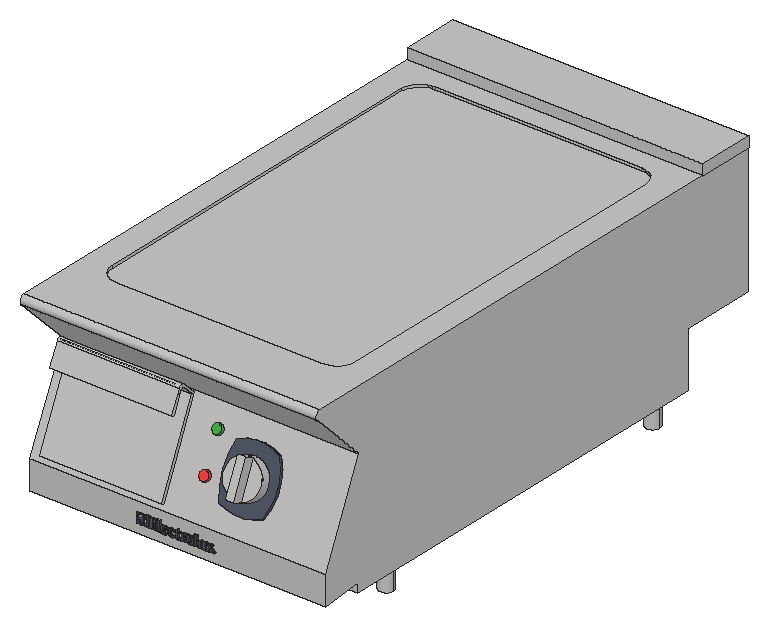
Revit family "QF_ELECTROLUXPROFESSIONAL_Professional_371325_E7IIKDAOMCA", category Specialty Equipment, Revit 2018
Family settings
  Round Connector Dimension = Use Diameter
  Part Type = Normal
  Work Plane-Based = No
  Always vertical = Yes
  Cut with Voids When Loaded = No
  Shared = No
  Room Calculation Point = No
Parameters
  Width = 400.05 mm  # constant formula
  Weight in Pounds = 88  # constant formula
  Watts = 4200 VA  # 4200 W
  Volts = 400 V  # constant formula
  URL Cutsheet = "www.electrolux.com/foodservice"
  URL = "www.electrolux.com/foodservice"
  Type Mark [instance] = ""
  Status [instance] = ""
  Specification by User [instance] = ""
  Specification by Manufacturer = ""
  Show Logo [instance] = yes
  Show Clearance [instance] = yes
  Serial Number = ""
  Seismic Rating = ""
  SMACNA No = ""
  Revision Code [instance] = ""
  Phase = 3  # constant formula
  Omniclass Number and Title = ""
  Number of Poles [instance] = 1
  NAFEM Spec ID Number = ""
  Model = "371184"
  Min Ckt Ampacity = 0 A
  Max Overcurrent Protection = 0 A
  Masterspec = ""
  Manufacturer = "ELECTROLUX"
  Item Number [instance] = ""
  Installed By [instance] = ""
  Identify Quantity as Lot [instance] = yes
  Height = 289 mm  # constant formula
  HP = "5.6 HP"
  Furnished By [instance] = ""
  Foodservice Equipment Identifier [instance] = yes
  FL Amps = if(Phase = 3, Watts / (Volts * 1.73), Watts / Volts)  # 6.06936 A
  Electrical Remarks [instance] = "400 V/3N ph/50/60 Hz"  # constant formula
  Electric Connection Type [instance] = ""
  Elec Conn RI Height [instance] = 0 mm
  Elec Conn Connection Height [instance] = 0 mm
  Direct Waste Size = 0"
  Description = "700XP Half Module Electric Fry Top, Smooth Plate, Mild Steel - 400V"
  Depth = 730.25 mm  # constant formula
  Cycle [instance] = if([60 Hertz Option], 60 Hz, 50 Hz)  # 60 Hz
  Conn Plug = ""
  Conn Conduit = yes
  CSI MasterFormat = ""
  CSI Master Format = ""
  Base Height [instance] = 25.4 mm  # constant formula
  Apparent Power = if(Phase = 3, Volts * FL Amps * 1.73, Volts * FL Amps)  # 4200 VA
  60 Hertz Option [instance] = not([50 Hertz Option])  # yes
  50 Hertz Option [instance] = no
Reference planes
  plane 1 "BACK": y = 0
  plane 2: z = 0
  plane 3 "LEFT": x = 0
  plane 4 "RIGHT": x = 400.05
  plane 5 "FRONT": y = -730.25
  plane 6 "TOP": z = 289
  plane 7 "Center Y": x = 200.025
  plane 8 "Center X": y = -365.125
  plane 9 "BASE": z = 25.4
  plane 10: y = -597.884
  plane 11: y = -147.637
Forms (mm)
  Extrusion 1, solid, material "QF_Finishes_Clearance", visible <- "Show Clearance", detail levels coarse
    sketch origin (0, 0, 0) x (1, 0, 0) y (0, 1, 0)
      loop
        line (0, -730.25) -> (0, 0) -> (400.05, 0) -> (400.05, -730.25) -> (550.069, -730.25) -> (550.069, 150.019) -> (-150.019, 150.019) -> (-150.019, -730.25) -> (0, -730.25)
    from 0 to 289
  Extrusion 2, solid, material "QF_Finishes_Stainless Steel"
    sketch origin (0, 0, 0) x (0, 1, 0) y (0, 0, 1)
      loop
        line (0, 275) -> (-723.497, 275)
        arc (-723.497, 275) -> (-729.729, 270.836) -> (-728.267, 263.485) r 6.745
        line (-728.267, 263.485) -> (-657.416, 192.634) -> (-713.772, 70.59) -> (-713.772, 32.49) -> (-660.4, 38.1) -> (-660.4, 25.4) -> (-101.6, 25.4) -> (-101.6, 100.012) -> (0, 100.012) -> (0, 275)
    from 0 to 400.05
  Extrusion 3, void
    sketch origin (0, -2.381, 275.4) x (-1, 0, 0) y (0, -1, 0)
      loop
        arc (-60.425, 102.504) -> (-42.464, 109.943) -> (-35.025, 127.904) r 25.4
        line (-35.025, 127.904) -> (-35.025, 617.104)
        arc (-35.025, 617.104) -> (-42.464, 635.064) -> (-60.425, 642.504) r 25.4
        line (-60.425, 642.504) -> (-339.625, 642.504)
        arc (-339.625, 642.504) -> (-357.586, 635.064) -> (-365.025, 617.104) r 25.4
        line (-365.025, 617.104) -> (-365.025, 127.904)
        arc (-365.025, 127.904) -> (-357.586, 109.943) -> (-339.625, 102.504) r 25.4
        line (-339.625, 102.504) -> (-60.425, 102.504)
    from 0 to -3.2
  Extrusion 4, solid, material "QF_Finishes_Stainless Steel"
    sketch origin (0, 0, 0) x (1, 0, 0) y (0, 1, 0)
      loop
        circle (11.112, -147.638) r 9.525
      loop
        circle (11.112, -597.884) r 9.525
      loop
        circle (388.937, -147.638) r 9.525
      loop
        circle (388.937, -597.884) r 9.525
    from 0 to 25.4
  Extrusion 5, solid, material "QF_Finishes_Navy Blue"
    sketch origin (115.456, -713.772, 70.59) x (0, 0.419232, 0.907879) y (-1, 0, 0)
      loop
        arc (102.26, -132.62) -> (66.843, -125.139) -> (31.333, -132.16) r 90.355
        arc (31.333, -132.16) -> (24.504, -161.269) -> (31.333, -190.378) r 65.456
        arc (31.333, -190.378) -> (66.877, -199.452) -> (102.26, -189.765) r 71.728
        arc (102.26, -189.765) -> (108.852, -161.193) -> (102.26, -132.62) r 65.22
    from 0 to 3.175
  Extrusion 6, solid, material "QF_Finishes_Stainless Steel"
    sketch origin (115.456, -717.486, 70.121) x (0, 0.419232, 0.907879) y (-1, 0, 0)
      loop
        circle (68.826, -160.963) r 25.4
    from 0 to 12.7
  Extrusion 7, solid, material "QF_Finishes_Stainless Steel"
    sketch origin (115.456, -729.016, 75.445) x (0, 0.419232, 0.907879) y (-1, 0, 0)
      loop
        arc (93.558, -166.749) -> (94.226, -160.963) -> (93.558, -155.177) r 25.4
        line (93.558, -155.177) -> (44.094, -155.177)
        arc (44.094, -155.177) -> (43.426, -160.963) -> (44.094, -166.749) r 25.4
        line (44.094, -166.749) -> (93.558, -166.749)
    from 0 to 12.7
  Extrusion 8, solid, material "QF_Finishes_Navy Blue", visible <- "Show Logo"
    sketch origin (-142.26, -713.772, 37.253) x (0, 0, 1) y (-1, 0, 0)
      loop
        line (20.674, -296.698) -> (8.307, -296.698)
        arc (8.307, -296.698) -> (14.491, -301.27) -> (20.674, -296.698) r 6.467
      loop
        arc (20.674, -296.069) -> (19.505, -290.926) -> (14.849, -288.448) r 6.338
        line (14.849, -288.448) -> (14.849, -290.494)
        arc (14.849, -290.494) -> (16.333, -294.149) -> (19.778, -296.069) r 5.941
        line (19.778, -296.069) -> (20.674, -296.069)
      loop
        arc (9.203, -296.069) -> (12.648, -294.149) -> (14.132, -290.494) r 5.941
        line (14.132, -290.494) -> (14.132, -288.448)
        arc (14.132, -288.448) -> (9.438, -290.922) -> (8.148, -296.069) r 6.504
        line (8.148, -296.069) -> (9.203, -296.069)
      loop
        line (21.349, -287.979) -> (7.604, -287.979) -> (7.604, -301.742) -> (21.349, -301.742) -> (21.349, -287.979)
      loop
        arc (21.432, -304.71) -> (21.085, -304.352) -> (20.718, -304.69) r 0.358
        arc (20.718, -304.69) -> (20.404, -305.44) -> (19.687, -305.825) r 1.216
        line (19.687, -305.825) -> (9.274, -305.825)
        arc (9.274, -305.825) -> (8.614, -305.548) -> (8.218, -304.951) r 1.238
        arc (8.218, -304.951) -> (7.823, -304.7) -> (7.518, -305.054) r 0.358
        line (7.518, -305.054) -> (7.518, -314.933) -> (10.269, -314.933) -> (10.269, -314.036)
        arc (10.269, -314.036) -> (9.36, -313.456) -> (8.904, -312.479) r 1.928
        line (8.904, -312.479) -> (8.904, -309.98)
        arc (8.904, -309.98) -> (9.18, -309.251) -> (9.868, -308.887) r 1.101
        line (9.868, -308.887) -> (13.955, -308.887) -> (13.955, -312.561)
        arc (13.955, -312.561) -> (13.602, -313.058) -> (13.037, -313.286) r 1.083
        arc (13.037, -313.286) -> (12.773, -313.591) -> (13.065, -313.869) r 0.292
        line (13.065, -313.869) -> (16.028, -313.869)
        arc (16.028, -313.869) -> (16.33, -313.596) -> (16.092, -313.266) r 0.305
        arc (16.092, -313.266) -> (15.601, -313.018) -> (15.296, -312.561) r 1.083
        line (15.296, -312.561) -> (15.296, -308.887) -> (19.973, -308.887) -> (19.973, -312.635)
        arc (19.973, -312.635) -> (19.759, -313.39) -> (19.153, -313.888) r 1.314
        arc (19.153, -313.888) -> (18.934, -314.292) -> (19.288, -314.585) r 0.361
        line (19.288, -314.585) -> (21.432, -314.585) -> (21.432, -304.71)
      loop
        arc (20.715, -315.365) -> (20.335, -316.284) -> (19.416, -316.664) r 1.299
        line (19.416, -316.664) -> (9.837, -316.664)
        arc (9.837, -316.664) -> (8.999, -316.286) -> (8.728, -315.408) r 1.118
        line (8.728, -315.408) -> (7.518, -315.408) -> (7.518, -320.758) -> (8.706, -320.758)
        arc (8.706, -320.758) -> (8.978, -319.841) -> (9.848, -319.445) r 1.153
        line (9.848, -319.445) -> (21.92, -319.445) -> (20.715, -315.365)
      loop
        line (12.483, -323.394) -> (12.483, -329.842) -> (13.282, -329.842)
        arc (13.282, -329.842) -> (15.862, -328.857) -> (17.131, -326.404) r 3.874
        line (17.131, -326.404) -> (17.131, -324.643)
        arc (17.131, -324.643) -> (15.944, -321.778) -> (13.08, -320.592) r 4.051
        line (13.08, -320.592) -> (11.072, -320.592)
        arc (11.072, -320.592) -> (8.253, -322.077) -> (7.202, -325.084) r 4.352
        arc (7.202, -325.084) -> (7.566, -327.547) -> (8.943, -329.621) r 5.713
        line (8.943, -329.621) -> (9.892, -329.621)
        arc (9.892, -329.621) -> (9.16, -328.052) -> (8.943, -326.334) r 5.579
        arc (8.943, -326.334) -> (9.737, -324.371) -> (11.616, -323.394) r 3.057
        line (11.616, -323.394) -> (12.483, -323.394)
      loop
        line (13.742, -323.394) -> (13.742, -326.977)
        arc (13.742, -326.977) -> (15.199, -327.024) -> (16.082, -325.864) r 1.59
        line (16.082, -325.864) -> (16.082, -325.034)
        arc (16.082, -325.034) -> (15.217, -323.779) -> (13.742, -323.394) r 2.184
      loop
        arc (16.533, -339.259) -> (17.022, -337.585) -> (17.179, -335.848) r 9.023
        line (17.179, -335.848) -> (17.179, -334.486)
        arc (17.179, -334.486) -> (16.02, -331.686) -> (13.22, -330.527) r 3.959
        line (13.22, -330.527) -> (10.62, -330.527)
        arc (10.62, -330.527) -> (8.338, -331.819) -> (7.221, -334.192) r 4.331
        line (7.221, -334.192) -> (7.221, -336.327)
        arc (7.221, -336.327) -> (7.729, -337.877) -> (8.651, -339.223) r 5.772
        arc (8.651, -339.223) -> (9.412, -339.274) -> (9.499, -338.515) r 0.553
        arc (9.499, -338.515) -> (9.111, -337.781) -> (8.977, -336.962) r 2.573
        line (8.977, -336.962) -> (8.977, -335.447)
        arc (8.977, -335.447) -> (9.983, -333.806) -> (11.798, -333.163) r 2.884
        line (11.798, -333.163) -> (13.077, -333.163)
        arc (13.077, -333.163) -> (14.898, -333.723) -> (15.824, -335.388) r 2.554
        line (15.824, -335.388) -> (15.824, -336.441)
        arc (15.824, -336.441) -> (15.493, -337.369) -> (14.836, -338.104) r 2.564
        arc (14.836, -338.104) -> (14.614, -338.821) -> (15.223, -339.259) r 0.643
        line (15.223, -339.259) -> (16.533, -339.259)
      loop
        line (15.515, -339.53) -> (15.515, -341.031) -> (9.467, -341.031)
        arc (9.467, -341.031) -> (7.879, -341.688) -> (7.221, -343.276) r 2.246
        line (7.221, -343.276) -> (7.221, -344.86)
        arc (7.221, -344.86) -> (7.535, -345.725) -> (8.035, -346.496) r 4.06
        arc (8.035, -346.496) -> (8.768, -346.629) -> (9.019, -345.928) r 0.576
        arc (9.019, -345.928) -> (8.913, -345.403) -> (8.977, -344.87) r 1.69
        arc (8.977, -344.87) -> (9.519, -344.082) -> (10.425, -343.779) r 1.506
        line (10.425, -343.779) -> (15.563, -343.779) -> (15.563, -346.176) -> (16.119, -346.733) -> (16.941, -346.733) -> (16.941, -343.873) -> (20.172, -343.873) -> (15.515, -339.53)
      loop
        line (7.438, -347.63) -> (7.438, -353.017) -> (8.548, -353.017)
        arc (8.548, -353.017) -> (8.942, -352.066) -> (9.893, -351.672) r 1.345
        line (9.893, -351.672) -> (13.509, -351.672)
        arc (13.509, -351.672) -> (14.274, -352.264) -> (14.564, -353.186) r 1.615
        line (14.564, -353.186) -> (14.564, -354.742) -> (17.119, -355.427) -> (17.119, -354.044) -> (15.177, -351.485) -> (17.057, -351.485) -> (16.773, -348.779)
        arc (16.773, -348.779) -> (16.333, -348.249) -> (15.674, -348.45) r 0.621
        arc (15.674, -348.45) -> (15.274, -348.792) -> (14.78, -348.975) r 1.501
        line (14.78, -348.975) -> (9.893, -348.975)
        arc (9.893, -348.975) -> (8.942, -348.581) -> (8.548, -347.63) r 1.345
        line (8.548, -347.63) -> (7.438, -347.63)
      loop
        line (13.54, -354.964) -> (10.848, -354.964)
        arc (10.848, -354.964) -> (8.403, -356.272) -> (7.269, -358.803) r 4.288
        arc (7.269, -358.803) -> (7.205, -360.183) -> (7.269, -361.563) r 15.022
        arc (7.269, -361.563) -> (8.403, -364.094) -> (10.848, -365.401) r 4.288
        line (10.848, -365.401) -> (13.54, -365.401)
        arc (13.54, -365.401) -> (15.986, -364.094) -> (17.119, -361.563) r 4.288
        arc (17.119, -361.563) -> (17.183, -360.183) -> (17.119, -358.803) r 15.022
        arc (17.119, -358.803) -> (15.986, -356.272) -> (13.54, -354.964) r 4.288
      loop
        line (13.745, -358.078) -> (10.643, -358.078)
        arc (10.643, -358.078) -> (8.486, -360.235) -> (10.643, -362.392) r 2.157
        line (10.643, -362.392) -> (13.745, -362.392)
        arc (13.745, -362.392) -> (15.902, -360.235) -> (13.745, -358.078) r 2.157
      loop
        arc (20.726, -365.26) -> (20.355, -366.154) -> (19.461, -366.524) r 1.264
        line (19.461, -366.524) -> (9.597, -366.524)
        arc (9.597, -366.524) -> (8.727, -366.127) -> (8.455, -365.211) r 1.153
        line (8.455, -365.211) -> (7.518, -365.211) -> (7.518, -370.319) -> (8.446, -370.319)
        arc (8.446, -370.319) -> (8.805, -369.547) -> (9.597, -369.232) r 1.153
        line (9.597, -369.232) -> (21.92, -369.232) -> (20.726, -365.26)
      loop
        arc (15.846, -369.857) -> (15.647, -370.921) -> (14.678, -371.403) r 1.215
        line (14.678, -371.403) -> (9.658, -371.403)
        arc (9.658, -371.403) -> (8.043, -372.051) -> (7.322, -373.634) r 2.338
        line (7.322, -373.634) -> (7.322, -375.148)
        arc (7.322, -375.148) -> (7.497, -376.152) -> (7.999, -377.038) r 2.979
        line (7.999, -377.038) -> (7.518, -378.835) -> (7.518, -380.524) -> (16.943, -380.524) -> (16.649, -376.32) -> (15.863, -376.32)
        arc (15.863, -376.32) -> (15.507, -377.156) -> (14.755, -377.665) r 1.605
        line (14.755, -377.665) -> (9.652, -377.665)
        arc (9.652, -377.665) -> (9.232, -376.728) -> (9.159, -375.704) r 2.94
        arc (9.159, -375.704) -> (9.72, -374.603) -> (10.873, -374.16) r 1.724
        line (10.873, -374.16) -> (17.07, -374.16) -> (15.846, -369.857)
      loop
        line (16.874, -381.377) -> (15.202, -383.423) -> (12.028, -385.729) -> (8.572, -382.617)
        arc (8.572, -382.617) -> (8.335, -382.223) -> (8.357, -381.764) r 0.789
        line (8.357, -381.764) -> (7.518, -381.764) -> (7.518, -385.309) -> (8.344, -385.309)
        arc (8.344, -385.309) -> (8.686, -384.947) -> (9.176, -385.039) r 0.52
        line (9.176, -385.039) -> (10.976, -386.51) -> (8.858, -387.886)
        arc (8.858, -387.886) -> (8.457, -387.576) -> (8.37, -387.076) r 0.7
        line (8.37, -387.076) -> (7.518, -387.076) -> (7.518, -393.003) -> (8.405, -393.003)
        arc (8.405, -393.003) -> (8.472, -392.344) -> (8.866, -391.813) r 1.247
        line (8.866, -391.813) -> (13.066, -388.532) -> (15.513, -390.585) -> (16.874, -392.327) -> (16.874, -388.604) -> (15.389, -389.026) -> (13.868, -387.749) -> (15.568, -386.559) -> (16.874, -387.336) -> (16.874, -381.377)
    from 0 to 1.644
  Extrusion 9, solid, material "QF_Finishes_Stainless Steel"
    sketch origin (0, -101.6, 100.012) x (0, 0, -1) y (-1, 0, 0)
      loop
        circle (39.612, -348.05) r 12.7
    from 0 to 3.175
  Extrusion 10, solid, material "QF_Finishes_Stainless Steel"
    sketch origin (0, 0, 0) x (0, 1, 0) y (0, 0, 1)
      loop
        line (-658.831, 189.959) -> (-675.238, 206.366)
        arc (-675.238, 206.366) -> (-679.705, 207.768) -> (-683.409, 204.904) r 5.058
        line (-683.409, 204.904) -> (-696.071, 177.394) -> (-693.187, 176.066) -> (-680.525, 203.576)
        arc (-680.525, 203.576) -> (-679.146, 204.643) -> (-677.483, 204.121) r 1.883
        line (-677.483, 204.121) -> (-662.64, 189.278) -> (-713.474, 78.833) -> (-710.589, 77.505) -> (-658.831, 189.959)
    from 12.7 to 177.8
  Extrusion 11, solid, material "QF_Finishes_Drawer Clearance", visible <- "Show Clearance", detail levels coarse
    sketch origin (0, -101.6, 0) x (0, 1, 0) y (0, 0, 1)
      loop
        line (-660.751, 176.066) -> (-648.089, 203.576)
        arc (-648.089, 203.576) -> (-646.71, 204.643) -> (-645.046, 204.121) r 1.883
        line (-645.046, 204.121) -> (-630.204, 189.278) -> (-681.037, 78.833) -> (-678.153, 77.505) -> (-608.989, 77.505) -> (-557.231, 189.959) -> (-573.638, 206.366)
        arc (-573.638, 206.366) -> (-574.873, 207.273) -> (-576.323, 207.768) r 5.058
        line (-576.323, 207.768) -> (-647.269, 207.768)
        arc (-647.269, 207.768) -> (-649.472, 206.79) -> (-650.973, 204.904) r 5.058
        line (-650.973, 204.904) -> (-663.635, 177.394) -> (-660.751, 176.066)
    from 12.7 to 177.8
  Extrusion 12, solid, material "QF_Finishes_Green"
    sketch origin (129.198, -709.817, 79.155) x (0, 0.419232, 0.907879) y (-1, 0, 0)
      loop
        circle (94.749, -90.848) r 6.35
    from 0 to 3.175
  Extrusion 13, solid, material "QF_Finishes_Red"
    sketch origin (129.198, -731.78, 31.593) x (0, 0.419232, 0.907879) y (-1, 0, 0)
      loop
        circle (95.112, -90.848) r 6.35
    from 0 to 3.175
  Extrusion 14, solid, material "QF_Finishes_Stainless Steel"
    sketch origin (0, 0, 0) x (0, 1, 0) y (0, 0, 1)
      loop
        line (0, 274.638) -> (0, 288.925) -> (-76.2, 288.925) -> (-76.2, 274.638) -> (0, 274.638)
    from 0 to 400.05
Cuts and joins
  Extrusion 3 cuts Extrusion 1
  Extrusion 3 cuts Extrusion 2
Lines and regions (mm)
  symbolic lines, style "QF-Clearances", visible <- "Show Clearance", detail levels coarse
    curve 1: line (-150.019, 150.019, 276.225) -> (-150.019, -730.25, 276.225)
    curve 2: line (550.069, 150.019, 276.225) -> (-150.019, 150.019, 276.225)
    curve 3: line (550.069, -730.25, 276.225) -> (550.069, 150.019, 276.225)
  symbolic lines
    curve 4: line (0, 0, 276.225) -> (400.05, 0, 276.225)
    curve 5: line (0, -730.25, 276.225) -> (0, 0, 276.225)
    curve 6: line (400.05, 0, 276.225) -> (400.05, -730.25, 276.225)
    curve 7: line (35.025, -130.285, 276.225) -> (35.025, -619.485, 276.225)
    curve 8: arc (35.025, -619.485, 276.225) -> (42.464, -637.445, 276.225) -> (60.425, -644.885, 276.225) r 25.4
    curve 9: arc (339.625, -644.885, 276.225) -> (357.586, -637.445, 276.225) -> (365.025, -619.485, 276.225) r 25.4
    curve 10: line (365.025, -619.485, 276.225) -> (365.025, -130.285, 276.225)
    curve 11: line (339.625, -104.885, 276.225) -> (60.425, -104.885, 276.225)
    curve 12: line (0, -69.85, 276.225) -> (400.05, -69.85, 276.225)
    curve 13: line (400.05, -730.25, 276.225) -> (0, -730.25, 276.225)
    curve 14: arc (60.425, -104.885, 276.225) -> (42.464, -112.324, 276.225) -> (35.025, -130.285, 276.225) r 25.4
    curve 15: arc (339.625, -104.885, 276.225) -> (357.586, -112.324, 276.225) -> (365.025, -130.285, 276.225) r 25.4
    curve 16: line (60.425, -644.885, 276.225) -> (339.625, -644.885, 276.225)
  symbolic lines, style "QF_Drawer Clearance", visible <- "Show Clearance", detail levels coarse
    curve 17: line (12.7, -730.25, 276.225) -> (12.7, -782.637, 276.225)
    curve 18: line (12.7, -782.637, 276.225) -> (177.8, -782.637, 276.225)
    curve 19: line (177.8, -782.637, 276.225) -> (177.8, -730.25, 276.225)
Dimensions and locks
  equal spacing: plane 3 "LEFT", plane 7 "Center Y", plane 4 "RIGHT"
  "Width": plane 3 "LEFT" to plane 4 "RIGHT"
  equal spacing: plane 5 "FRONT", plane 8 "Center X", plane 1 "BACK"
  "Depth": plane 5 "FRONT" to plane 1 "BACK"
  plane 1 "BACK" to plane 5 "FRONT" = 730.25 mm
  "Base Height": plane 9 "BASE" to level
  plane 9 "BASE" to level = 25.4 mm
  "Height": plane 6 "TOP" to level
  plane 4 "RIGHT" to Extrusion 9 sketch curve = 52 mm
  Extrusion 9 sketch curve to plane 9 "BASE" = 35 mm
  aligned and locked: level to plane 2
  aligned and locked: plane 6 "TOP" to Extrusion 1
Automatic sketch dimensions
  plane 1 "BACK" to Extrusion 1 sketch curve = 0 mm
  Extrusion 1 sketch curve to plane 3 "LEFT" = 0 mm
  Extrusion 1 sketch curve to plane 4 "RIGHT" = 0 mm
  Extrusion 1 sketch curve to plane 3 "LEFT" = 150.019 mm
  plane 5 "FRONT" to Extrusion 1 sketch curve = 0 mm  (x2)
  plane 4 "RIGHT" to Extrusion 1 sketch curve = 150.019 mm
  Extrusion 1 sketch curve to plane 1 "BACK" = 150.019 mm
  Extrusion 3 sketch curve to plane 4 "RIGHT" = 35.025 mm
  Extrusion 3 sketch curve to Extrusion 3 sketch curve = 25.4 mm  (x3)
  Extrusion 3 sketch curve to plane 11 = 17.353 mm
  plane 3 "LEFT" to Extrusion 3 sketch curve = 60.425 mm  (x2)
  plane 10 to Extrusion 3 sketch curve = 21.6 mm
  plane 10 to Extrusion 4 sketch curve = 0 mm  (x2)
  plane 11 to Extrusion 4 sketch curve = 0 mm  (x2)
  plane 3 "LEFT" to Extrusion 4 sketch curve = 11.112 mm  (x2)
  Extrusion 4 sketch curve to plane 4 "RIGHT" = 11.113 mm  (x2)
  Extrusion 5 sketch curve to Extrusion 2 = 31.333 mm  (x2)
  Extrusion 5 sketch curve to Extrusion 5 sketch curve = 12.3 mm  (x3)
  Extrusion 5 sketch curve to Extrusion 5 sketch curve = 34.925 mm  (x2)
  Extrusion 5 sketch curve to Extrusion 5 sketch curve = 23.703 mm
  Extrusion 2 to Extrusion 5 sketch curve = 69.101 mm
  Extrusion 5 sketch curve to Extrusion 5 sketch curve = 25.114 mm
  Extrusion 5 sketch curve to Extrusion 5 sketch curve = 25.727 mm
  Extrusion 5 sketch curve to Extrusion 5 sketch curve = 28.496 mm
  Extrusion 7 sketch curve to Extrusion 7 sketch curve = 24.732 mm
  Extrusion 7 sketch curve to Extrusion 7 sketch curve = 0 mm
  Extrusion 8 sketch curve to Extrusion 2 = 6.923 mm
  Extrusion 8 sketch curve to Extrusion 2 = 11.964 mm
  Extrusion 8 sketch curve to Extrusion 2 = 11.983 mm
  Extrusion 8 sketch curve to Extrusion 8 sketch curve = 0 mm  (x28)
  Extrusion 8 sketch curve to Extrusion 8 sketch curve = 5.108 mm  (x2)
  Extrusion 8 sketch curve to Extrusion 2 = 12.085 mm
  Extrusion 8 sketch curve to Extrusion 8 sketch curve = 0.218 mm
  Extrusion 8 sketch curve to Extrusion 8 sketch curve = 0.195 mm
  Extrusion 8 sketch curve to Extrusion 8 sketch curve = 0.249 mm
  Extrusion 8 sketch curve to Extrusion 2 = 12.28 mm
  Extrusion 8 sketch curve to Extrusion 8 sketch curve = 0.087 mm
  Extrusion 8 sketch curve to Extrusion 8 sketch curve = 0.358 mm
  Extrusion 8 sketch curve to Extrusion 8 sketch curve = 0.481 mm
  Extrusion 8 sketch curve to Extrusion 8 sketch curve = 0.597 mm
  Extrusion 8 sketch curve to Extrusion 8 sketch curve = 0.544 mm
  Extrusion 8 sketch curve to Extrusion 8 sketch curve = 0.936 mm
  Extrusion 8 sketch curve to Extrusion 8 sketch curve = 0.594 mm
  Extrusion 8 sketch curve to Extrusion 8 sketch curve = 0.343 mm
  Extrusion 8 sketch curve to Extrusion 8 sketch curve = 0.159 mm
  Extrusion 8 sketch curve to Extrusion 8 sketch curve = 0.826 mm
  Extrusion 8 sketch curve to Extrusion 8 sketch curve = 0.839 mm
  Extrusion 8 sketch curve to Extrusion 8 sketch curve = 0.852 mm
  Extrusion 8 sketch curve to Extrusion 8 sketch curve = 0.887 mm
  Extrusion 8 sketch curve to Extrusion 8 sketch curve = 0.928 mm
  Extrusion 8 sketch curve to Extrusion 8 sketch curve = 0.938 mm
  Extrusion 8 sketch curve to Extrusion 8 sketch curve = 0.444 mm
  Extrusion 8 sketch curve to Extrusion 8 sketch curve = 1.11 mm  (x3)
  Extrusion 8 sketch curve to Extrusion 8 sketch curve = 0.215 mm
  Extrusion 8 sketch curve to Extrusion 8 sketch curve = 1.43 mm
  Extrusion 8 sketch curve to Extrusion 8 sketch curve = 1.188 mm
  Extrusion 8 sketch curve to Extrusion 8 sketch curve = 1.21 mm  (x2)
  Extrusion 8 sketch curve to Extrusion 8 sketch curve = 0.503 mm
  Extrusion 8 sketch curve to Extrusion 8 sketch curve = 0.488 mm
  Extrusion 8 sketch curve to Extrusion 8 sketch curve = 0.462 mm
  Extrusion 8 sketch curve to Extrusion 8 sketch curve = 1.386 mm
  Extrusion 8 sketch curve to Extrusion 8 sketch curve = 1.742 mm  (x2)
  Extrusion 8 sketch curve to Extrusion 8 sketch curve = 0.821 mm
  Extrusion 8 sketch curve to Extrusion 8 sketch curve = 0.497 mm
  Extrusion 8 sketch curve to Extrusion 8 sketch curve = 0.539 mm
  Extrusion 8 sketch curve to Extrusion 8 sketch curve = 0.686 mm
  Extrusion 8 sketch curve to Extrusion 8 sketch curve = 0.408 mm
  Extrusion 8 sketch curve to Extrusion 8 sketch curve = 0.743 mm
  Extrusion 8 sketch curve to Extrusion 8 sketch curve = 1.16 mm
  Extrusion 8 sketch curve to Extrusion 8 sketch curve = 0.329 mm
  Extrusion 8 sketch curve to Extrusion 8 sketch curve = 1.054 mm
  Extrusion 8 sketch curve to Extrusion 8 sketch curve = 1.056 mm
  Extrusion 8 sketch curve to Extrusion 8 sketch curve = 0.129 mm
  Extrusion 8 sketch curve to Extrusion 8 sketch curve = 0.489 mm
  Extrusion 8 sketch curve to Extrusion 8 sketch curve = 0.441 mm
  Extrusion 8 sketch curve to Extrusion 8 sketch curve = 1.151 mm
  Extrusion 8 sketch curve to Extrusion 8 sketch curve = 1.141 mm  (x2)
  Extrusion 8 sketch curve to Extrusion 8 sketch curve = 0.768 mm
  Extrusion 8 sketch curve to Extrusion 8 sketch curve = 1.653 mm
  Extrusion 8 sketch curve to Extrusion 8 sketch curve = 0.499 mm
  Extrusion 8 sketch curve to Extrusion 8 sketch curve = 0.964 mm
  Extrusion 8 sketch curve to Extrusion 8 sketch curve = 0.949 mm
  Extrusion 8 sketch curve to Extrusion 8 sketch curve = 1.345 mm  (x3)
  Extrusion 8 sketch curve to Extrusion 8 sketch curve = 1.101 mm
  Extrusion 8 sketch curve to Extrusion 8 sketch curve = 0.432 mm
  Extrusion 8 sketch curve to Extrusion 8 sketch curve = 1.142 mm
  Extrusion 8 sketch curve to Extrusion 8 sketch curve = 0.959 mm
  Extrusion 8 sketch curve to Extrusion 8 sketch curve = 0.176 mm
  Extrusion 8 sketch curve to Extrusion 8 sketch curve = 0.728 mm
  Extrusion 8 sketch curve to Extrusion 8 sketch curve = 3.375 mm  (x2)
  Extrusion 8 sketch curve to Extrusion 8 sketch curve = 0.541 mm
  Extrusion 8 sketch curve to Extrusion 8 sketch curve = 0.955 mm
  Extrusion 8 sketch curve to Extrusion 8 sketch curve = 1.251 mm
  Extrusion 8 sketch curve to Extrusion 8 sketch curve = 0.572 mm
  Extrusion 8 sketch curve to Extrusion 8 sketch curve = 1.92 mm
  Extrusion 8 sketch curve to Extrusion 8 sketch curve = 1.224 mm
  Extrusion 8 sketch curve to Extrusion 8 sketch curve = 0.745 mm
  Extrusion 8 sketch curve to Extrusion 8 sketch curve = 2.537 mm
  Extrusion 8 sketch curve to Extrusion 8 sketch curve = 0.896 mm  (x3)
  Extrusion 8 sketch curve to Extrusion 8 sketch curve = 0.036 mm
  Extrusion 8 sketch curve to Extrusion 8 sketch curve = 2.607 mm
  Extrusion 8 sketch curve to Extrusion 8 sketch curve = 0.066 mm
  Extrusion 8 sketch curve to Extrusion 8 sketch curve = 0.248 mm
  Extrusion 8 sketch curve to Extrusion 8 sketch curve = 0.449 mm
  Extrusion 8 sketch curve to Extrusion 8 sketch curve = 1.052 mm
  Extrusion 8 sketch curve to Extrusion 8 sketch curve = 1.863 mm
  Extrusion 8 sketch curve to Extrusion 8 sketch curve = 1.31 mm  (x2)
  Extrusion 8 sketch curve to Extrusion 8 sketch curve = 0.901 mm
  Extrusion 8 sketch curve to Extrusion 8 sketch curve = 1.107 mm
  Extrusion 8 sketch curve to Extrusion 8 sketch curve = 2.122 mm
  Extrusion 8 sketch curve to Extrusion 8 sketch curve = 2.101 mm
  Extrusion 8 sketch curve to Extrusion 8 sketch curve = 0.106 mm
  Extrusion 8 sketch curve to Extrusion 8 sketch curve = 0.029 mm
  Extrusion 8 sketch curve to Extrusion 8 sketch curve = 2.09 mm
  Extrusion 8 sketch curve to Extrusion 8 sketch curve = 1.279 mm
  Extrusion 8 sketch curve to Extrusion 8 sketch curve = 2.008 mm
  Extrusion 8 sketch curve to Extrusion 8 sketch curve = 0.738 mm
  Extrusion 8 sketch curve to Extrusion 8 sketch curve = 0.382 mm
  Extrusion 8 sketch curve to Extrusion 8 sketch curve = 0.384 mm
  Extrusion 8 sketch curve to Extrusion 8 sketch curve = 0.002 mm
  Extrusion 8 sketch curve to Extrusion 8 sketch curve = 0.561 mm
  Extrusion 8 sketch curve to Extrusion 8 sketch curve = 0.592 mm
  Extrusion 8 sketch curve to Extrusion 8 sketch curve = 2.692 mm
  Extrusion 8 sketch curve to Extrusion 8 sketch curve = 1.259 mm
  Extrusion 8 sketch curve to Extrusion 8 sketch curve = 0.802 mm
  Extrusion 8 sketch curve to Extrusion 8 sketch curve = 1.024 mm
  Extrusion 8 sketch curve to Extrusion 8 sketch curve = 0.682 mm
  Extrusion 8 sketch curve to Extrusion 8 sketch curve = 5.934 mm
  Extrusion 8 sketch curve to Extrusion 8 sketch curve = 2.186 mm
  Extrusion 8 sketch curve to Extrusion 8 sketch curve = 0.337 mm
  Extrusion 8 sketch curve to Extrusion 8 sketch curve = 0.021 mm
  Extrusion 8 sketch curve to Extrusion 8 sketch curve = 1.005 mm
  Extrusion 8 sketch curve to Extrusion 8 sketch curve = 0.552 mm
  Extrusion 8 sketch curve to Extrusion 8 sketch curve = 0.778 mm
  Extrusion 8 sketch curve to Extrusion 8 sketch curve = 0.063 mm
  Extrusion 8 sketch curve to Extrusion 8 sketch curve = 1.023 mm
  Extrusion 8 sketch curve to Extrusion 8 sketch curve = 3.804 mm
  Extrusion 8 sketch curve to Extrusion 8 sketch curve = 0.486 mm
  Extrusion 8 sketch curve to Extrusion 8 sketch curve = 0.266 mm
  Extrusion 8 sketch curve to Extrusion 8 sketch curve = 1.547 mm
  Extrusion 8 sketch curve to Extrusion 8 sketch curve = 0.717 mm  (x2)
  Extrusion 8 sketch curve to Extrusion 8 sketch curve = 1.667 mm
  Extrusion 8 sketch curve to Extrusion 8 sketch curve = 3.174 mm
  Extrusion 8 sketch curve to Extrusion 8 sketch curve = 0.388 mm
  Extrusion 8 sketch curve to Extrusion 8 sketch curve = 1.342 mm
  Extrusion 8 sketch curve to Extrusion 8 sketch curve = 1.521 mm
  Extrusion 8 sketch curve to Extrusion 8 sketch curve = 0.124 mm
  Extrusion 8 sketch curve to Extrusion 8 sketch curve = 0.291 mm
  Extrusion 8 sketch curve to Extrusion 8 sketch curve = 1.049 mm  (x2)
  Extrusion 8 sketch curve to Extrusion 8 sketch curve = 1.7 mm
  Extrusion 8 sketch curve to Extrusion 8 sketch curve = 0.894 mm
  Extrusion 8 sketch curve to Extrusion 8 sketch curve = 0.989 mm
  Extrusion 8 sketch curve to Extrusion 8 sketch curve = 1.168 mm
  Extrusion 8 sketch curve to Extrusion 8 sketch curve = 1.594 mm
  Extrusion 8 sketch curve to Extrusion 8 sketch curve = 0.731 mm
  Extrusion 8 sketch curve to Extrusion 8 sketch curve = 1.566 mm
  Extrusion 8 sketch curve to Extrusion 8 sketch curve = 0.064 mm
  Extrusion 8 sketch curve to Extrusion 8 sketch curve = 0.556 mm  (x2)
  Extrusion 8 sketch curve to Extrusion 8 sketch curve = 0.48 mm
  Extrusion 8 sketch curve to Extrusion 8 sketch curve = 0.228 mm
  Extrusion 8 sketch curve to Extrusion 8 sketch curve = 1.018 mm
  Extrusion 8 sketch curve to Extrusion 8 sketch curve = 0.787 mm
  Extrusion 8 sketch curve to Extrusion 8 sketch curve = 0.618 mm
  Extrusion 8 sketch curve to Extrusion 8 sketch curve = 1.672 mm
  Extrusion 8 sketch curve to Extrusion 8 sketch curve = 1.361 mm
  Extrusion 8 sketch curve to Extrusion 8 sketch curve = 0.822 mm
  Extrusion 8 sketch curve to Extrusion 8 sketch curve = 0.069 mm
  Extrusion 8 sketch curve to Extrusion 8 sketch curve = 1.88 mm
  Extrusion 8 sketch curve to Extrusion 8 sketch curve = 0.42 mm
  Extrusion 8 sketch curve to Extrusion 8 sketch curve = 0.062 mm
  Extrusion 8 sketch curve to Extrusion 8 sketch curve = 1.355 mm
  Extrusion 8 sketch curve to Extrusion 8 sketch curve = 2.34 mm
  Extrusion 8 sketch curve to Extrusion 8 sketch curve = 0.493 mm
  Extrusion 8 sketch curve to Extrusion 8 sketch curve = 0.136 mm
  Extrusion 8 sketch curve to Extrusion 8 sketch curve = 0.128 mm
  Extrusion 8 sketch curve to Extrusion 8 sketch curve = 3.616 mm
  Extrusion 8 sketch curve to Extrusion 8 sketch curve = 4.207 mm
  Extrusion 8 sketch curve to Extrusion 8 sketch curve = 0.183 mm
  Extrusion 8 sketch curve to Extrusion 8 sketch curve = 0.895 mm
  Extrusion 8 sketch curve to Extrusion 8 sketch curve = 1.314 mm
  Extrusion 8 sketch curve to Extrusion 8 sketch curve = 3.231 mm
  Extrusion 8 sketch curve to Extrusion 8 sketch curve = 1.299 mm
  Extrusion 8 sketch curve to Extrusion 8 sketch curve = 1.214 mm
  Extrusion 8 sketch curve to Extrusion 8 sketch curve = 1.264 mm
  Extrusion 8 sketch curve to Extrusion 8 sketch curve = 0.109 mm
  Extrusion 8 sketch curve to Extrusion 8 sketch curve = 0.357 mm
  Extrusion 8 sketch curve to Extrusion 8 sketch curve = 0.565 mm
  Extrusion 8 sketch curve to Extrusion 8 sketch curve = 2.504 mm
  Extrusion 8 sketch curve to Extrusion 8 sketch curve = 2.459 mm
  Extrusion 2 to Extrusion 8 sketch curve = 149.307 mm
  Extrusion 8 sketch curve to Extrusion 8 sketch curve = 0.208 mm
  Extrusion 8 sketch curve to Extrusion 8 sketch curve = 0.468 mm  (x2)
  Extrusion 8 sketch curve to Extrusion 8 sketch curve = 1.559 mm
  Extrusion 8 sketch curve to Extrusion 8 sketch curve = 0.422 mm  (x2)
  Extrusion 8 sketch curve to Extrusion 8 sketch curve = 0.494 mm
  Extrusion 8 sketch curve to Extrusion 8 sketch curve = 3.927 mm
  Extrusion 8 sketch curve to Extrusion 8 sketch curve = 0.782 mm
  Extrusion 8 sketch curve to Extrusion 8 sketch curve = 1.268 mm
  Extrusion 8 sketch curve to Extrusion 8 sketch curve = 0.671 mm
  Extrusion 8 sketch curve to Extrusion 8 sketch curve = 0.777 mm
  Extrusion 8 sketch curve to Extrusion 8 sketch curve = 0.704 mm
  Extrusion 8 sketch curve to Extrusion 8 sketch curve = 0.781 mm  (x2)
  Extrusion 8 sketch curve to Extrusion 8 sketch curve = 1.634 mm
  Extrusion 8 sketch curve to Extrusion 8 sketch curve = 0.132 mm
  Extrusion 8 sketch curve to Extrusion 8 sketch curve = 3.136 mm
  Extrusion 8 sketch curve to Extrusion 8 sketch curve = 2.422 mm
  Extrusion 8 sketch curve to Extrusion 8 sketch curve = 0.586 mm
  Extrusion 8 sketch curve to Extrusion 8 sketch curve = 2.046 mm  (x2)
  Extrusion 8 sketch curve to Extrusion 8 sketch curve = 1.241 mm
  Extrusion 8 sketch curve to Extrusion 8 sketch curve = 1.689 mm
  Extrusion 8 sketch curve to Extrusion 8 sketch curve = 2.859 mm
  Extrusion 8 sketch curve to Extrusion 8 sketch curve = 0.627 mm
  Extrusion 8 sketch curve to Extrusion 8 sketch curve = 0.863 mm
  Extrusion 8 sketch curve to Extrusion 8 sketch curve = 0.419 mm
  Extrusion 8 sketch curve to Extrusion 8 sketch curve = 1.514 mm
  Extrusion 8 sketch curve to Extrusion 8 sketch curve = 1.019 mm
  Extrusion 8 sketch curve to Extrusion 8 sketch curve = 0.065 mm
  Extrusion 8 sketch curve to Extrusion 8 sketch curve = 1.215 mm
  Extrusion 8 sketch curve to Extrusion 8 sketch curve = 2.708 mm
  Extrusion 8 sketch curve to Extrusion 8 sketch curve = 1.122 mm
  Extrusion 8 sketch curve to Extrusion 8 sketch curve = 1.153 mm
  Extrusion 8 sketch curve to Extrusion 8 sketch curve = 3.009 mm
  Extrusion 8 sketch curve to Extrusion 8 sketch curve = 0.829 mm  (x2)
  Extrusion 8 sketch curve to Extrusion 8 sketch curve = 0.934 mm
  Extrusion 8 sketch curve to Extrusion 8 sketch curve = 3.376 mm
  Extrusion 8 sketch curve to Extrusion 8 sketch curve = 0.222 mm
  Extrusion 8 sketch curve to Extrusion 8 sketch curve = 1.383 mm
  Extrusion 8 sketch curve to Extrusion 8 sketch curve = 1.556 mm
  Extrusion 8 sketch curve to Extrusion 8 sketch curve = 2.559 mm
  Extrusion 8 sketch curve to Extrusion 8 sketch curve = 2.51 mm
  Extrusion 8 sketch curve to Extrusion 8 sketch curve = 0.131 mm
  Extrusion 8 sketch curve to Extrusion 8 sketch curve = 1.717 mm
  Extrusion 8 sketch curve to Extrusion 8 sketch curve = 1.134 mm
  Extrusion 8 sketch curve to Extrusion 8 sketch curve = 0.366 mm
  Extrusion 8 sketch curve to Extrusion 8 sketch curve = 0.094 mm
  Extrusion 8 sketch curve to Extrusion 8 sketch curve = 1.584 mm
  Extrusion 8 sketch curve to Extrusion 8 sketch curve = 1.501 mm
  Extrusion 8 sketch curve to Extrusion 8 sketch curve = 0.27 mm
  Extrusion 8 sketch curve to Extrusion 8 sketch curve = 1.808 mm
  Extrusion 8 sketch curve to Extrusion 8 sketch curve = 0.643 mm
  Extrusion 8 sketch curve to Extrusion 8 sketch curve = 0.916 mm
  Extrusion 8 sketch curve to Extrusion 8 sketch curve = 0.352 mm
  Extrusion 8 sketch curve to Extrusion 8 sketch curve = 0.458 mm
  Extrusion 8 sketch curve to Extrusion 8 sketch curve = 1.282 mm
  Extrusion 8 sketch curve to Extrusion 8 sketch curve = 1.363 mm
  Extrusion 8 sketch curve to Extrusion 8 sketch curve = 0.685 mm
  Extrusion 8 sketch curve to Extrusion 8 sketch curve = 0.905 mm
  Extrusion 8 sketch curve to Extrusion 8 sketch curve = 2.865 mm
  Extrusion 8 sketch curve to Extrusion 8 sketch curve = 0.472 mm
  Extrusion 8 sketch curve to Extrusion 8 sketch curve = 0.101 mm
  Extrusion 8 sketch curve to Extrusion 8 sketch curve = 0.54 mm
  Extrusion 8 sketch curve to Extrusion 8 sketch curve = 0.02 mm
  Extrusion 8 sketch curve to Extrusion 8 sketch curve = 0.582 mm
  Extrusion 8 sketch curve to Extrusion 8 sketch curve = 0.166 mm
  Extrusion 8 sketch curve to Extrusion 8 sketch curve = 0.16 mm
  Extrusion 8 sketch curve to Extrusion 8 sketch curve = 2.781 mm
  Extrusion 8 sketch curve to Extrusion 8 sketch curve = 1.118 mm
  Extrusion 8 sketch curve to Extrusion 8 sketch curve = 0.613 mm
  Extrusion 8 sketch curve to Extrusion 8 sketch curve = 0.361 mm
  Extrusion 8 sketch curve to Extrusion 8 sketch curve = 0.897 mm
  Extrusion 8 sketch curve to Extrusion 8 sketch curve = 0.167 mm
  Extrusion 8 sketch curve to Extrusion 8 sketch curve = 0.292 mm
  Extrusion 8 sketch curve to Extrusion 8 sketch curve = 0.305 mm
  Extrusion 8 sketch curve to Extrusion 8 sketch curve = 1.557 mm
  Extrusion 8 sketch curve to Extrusion 8 sketch curve = 2.499 mm
  Extrusion 8 sketch curve to Extrusion 8 sketch curve = 3.062 mm
  Extrusion 8 sketch curve to Extrusion 8 sketch curve = 2.968 mm
  Extrusion 8 sketch curve to Extrusion 8 sketch curve = 5.044 mm
  Extrusion 8 sketch curve to Extrusion 8 sketch curve = 0.629 mm  (x2)
  Extrusion 8 sketch curve to Extrusion 8 sketch curve = 1.131 mm
  Extrusion 8 sketch curve to Extrusion 8 sketch curve = 0.137 mm
  Extrusion 8 sketch curve to Extrusion 8 sketch curve = 0.027 mm
  Extrusion 8 sketch curve to Extrusion 8 sketch curve = 2.235 mm
  Extrusion 10 sketch curve to Extrusion 10 sketch curve = 0 mm  (x2)
  Extrusion 10 sketch curve to plane 5 "FRONT" = 16.776 mm
  Extrusion 10 sketch curve to Extrusion 10 sketch curve = 2.884 mm  (x3)
  Extrusion 10 sketch curve to plane 5 "FRONT" = 34.179 mm
  Extrusion 10 sketch curve to Extrusion 10 sketch curve = 12.662 mm
  Extrusion 10 sketch curve to Extrusion 10 sketch curve = 1.711 mm
  Extrusion 10 sketch curve to Extrusion 10 sketch curve = 1.332 mm
  Extrusion 10 sketch curve to Extrusion 10 sketch curve = 2.245 mm
  Extrusion 10 sketch curve to Extrusion 10 sketch curve = 14.843 mm
  Extrusion 10 sketch curve to Extrusion 10 sketch curve = 3.809 mm
  plane 9 "BASE" to Extrusion 10 sketch curve = 52.105 mm
  Extrusion 10 sketch curve to Extrusion 10 sketch curve = 1.327 mm  (x2)
  Extrusion 10 sketch curve to Extrusion 10 sketch curve = 13.211 mm
  Extrusion 10 sketch curve to Extrusion 10 sketch curve = 0.787 mm
  Extrusion 11 sketch curve to Extrusion 11 sketch curve = 0 mm  (x2)
  plane 5 "FRONT" to Extrusion 11 sketch curve = 52.387 mm
  Extrusion 11 sketch curve to Extrusion 11 sketch curve = 2.884 mm  (x3)
  plane 5 "FRONT" to Extrusion 11 sketch curve = 34.985 mm
  plane 5 "FRONT" to Extrusion 11 sketch curve = 22.323 mm
  Extrusion 11 sketch curve to Extrusion 11 sketch curve = 0.82 mm
  Extrusion 11 sketch curve to Extrusion 11 sketch curve = 1.711 mm
  Extrusion 11 sketch curve to Extrusion 11 sketch curve = 1.332 mm
  plane 5 "FRONT" to Extrusion 11 sketch curve = 1.554 mm
  Extrusion 11 sketch curve to plane 5 "FRONT" = 19.661 mm
  Extrusion 11 sketch curve to plane 5 "FRONT" = 51.436 mm
  Extrusion 11 sketch curve to Extrusion 11 sketch curve = 0.891 mm
  Extrusion 11 sketch curve to Extrusion 11 sketch curve = 2.686 mm
  Extrusion 11 sketch curve to Extrusion 11 sketch curve = 16.406 mm
  plane 9 "BASE" to Extrusion 11 sketch curve = 52.105 mm
  Extrusion 11 sketch curve to Extrusion 11 sketch curve = 1.327 mm  (x2)
  Extrusion 11 sketch curve to Extrusion 11 sketch curve = 13.211 mm
  Extrusion 11 sketch curve to Extrusion 11 sketch curve = 0.681 mm
  Extrusion 11 sketch curve to Extrusion 11 sketch curve = 0.787 mm
  Extrusion 11 sketch curve to Extrusion 11 sketch curve = 4.979 mm
  Extrusion 2 to Extrusion 12 sketch curve = 30.245 mm
  Extrusion 2 to Extrusion 12 sketch curve = 180.004 mm
  Extrusion 13 sketch curve to Extrusion 2 = 52.158 mm
  Extrusion 2 to Extrusion 13 sketch curve = 180.004 mm
  Extrusion 14 sketch curve to plane 1 "BACK" = 0 mm
  Extrusion 14 sketch curve to plane 6 "TOP" = 0.075 mm
  Extrusion 14 sketch curve to plane 11 = 71.438 mm
  Extrusion 14 sketch curve to Extrusion 14 sketch curve = 14.288 mm
  Extrusion 2 sketch curve to plane 9 "BASE" = 0 mm
  Extrusion 2 sketch curve to plane 1 "BACK" = 0 mm
  Extrusion 2 sketch curve to plane 11 = 46.038 mm
  plane 10 to Extrusion 2 sketch curve = 59.531 mm
  plane 9 "BASE" to Extrusion 2 sketch curve = 12.7 mm
  plane 10 to Extrusion 2 sketch curve = 62.516 mm
  Extrusion 2 sketch curve to plane 5 "FRONT" = 16.478 mm
  Extrusion 2 sketch curve to plane 5 "FRONT" = 6.753 mm
  Extrusion 2 sketch curve to plane 5 "FRONT" = 1.983 mm
  plane 9 "BASE" to Extrusion 2 sketch curve = 7.09 mm
  Extrusion 2 sketch curve to Extrusion 2 sketch curve = 38.1 mm
  plane 9 "BASE" to Extrusion 2 sketch curve = 74.612 mm
  Extrusion 2 sketch curve to plane 6 "TOP" = 96.366 mm
  Extrusion 2 sketch curve to plane 6 "TOP" = 25.515 mm
  Extrusion 2 sketch curve to Extrusion 2 sketch curve = 4.77 mm
  plane 5 "FRONT" to curve 3 = 0 mm
  curve 12 to plane 4 "RIGHT" = 0 mm
  plane 5 "FRONT" to curve 17 = 0 mm
  plane 1 "BACK" to curve 4 = 0 mm
  curve 4 to plane 3 "LEFT" = 0 mm
  plane 5 "FRONT" to curve 1 = 0 mm
  plane 4 "RIGHT" to curve 3 = 150.019 mm
  curve 15 to plane 4 "RIGHT" = 35.025 mm
  curve 15 to curve 15 = 25.4 mm
  curve 9 to curve 16 = 25.4 mm
  curve 19 to plane 7 "Center Y" = 22.225 mm
  plane 3 "LEFT" to curve 8 = 60.425 mm
  curve 14 to plane 11 = 17.353 mm
  plane 3 "LEFT" to curve 14 = 60.425 mm
  curve 8 to curve 8 = 25.4 mm
  plane 3 "LEFT" to curve 18 = 12.7 mm
  curve 5 to curve 1 = 150.019 mm
  curve 1 to plane 1 "BACK" = 150.019 mm
  curve 12 to curve 14 = 35.035 mm
  plane 10 to curve 10 = 21.6 mm
  curve 19 to curve 18 = 52.387 mm
  radius of Extrusion 4 sketch curve = 9.525 mm  (x4)
  radius of Extrusion 6 sketch curve = 25.4 mm
  radius of Extrusion 7 sketch curve to Extrusion 6 = 0 mm  (x2)
  radius of Extrusion 9 sketch curve = 12.7 mm
  radius of Extrusion 12 sketch curve = 6.35 mm
  radius of Extrusion 13 sketch curve = 6.35 mm
Connectors
  electrical at (348.05, -98.425, 60.4), driven by "Volts", driven by "Watts"
    settings: on Extrusion 9, index 1, voltage 400 V, apparent load 4200 VA, apparent load phase1 0 VA, apparent load phase2 0 VA, apparent load phase3 0 VA, power factor 1, load classification "Other", number of poles 1, system type 30, power factor state 1, is connector primary yes, connector utility no, sub classification motor no, connector description "ELectrical Connection"
